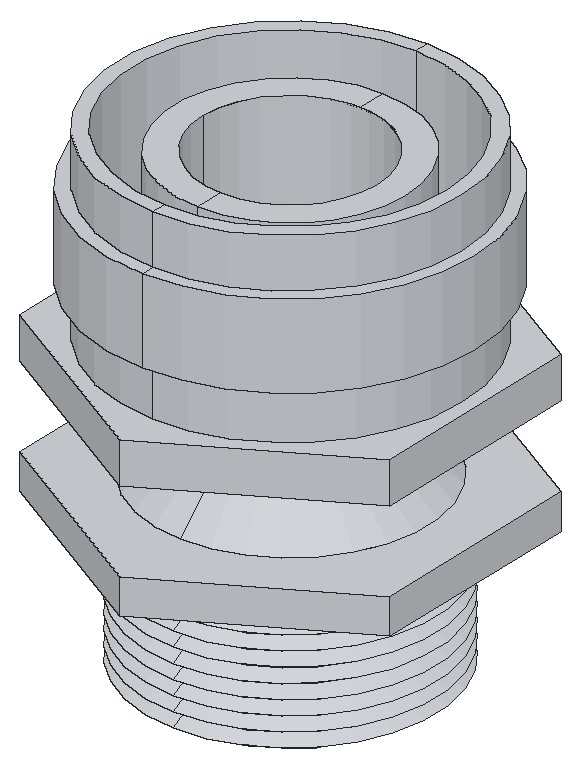
Revit family "FCSG20N", category Generic Models, Revit 2017
Family settings
  Can host rebar = No
  Round Connector Dimension = Use Diameter
  Part Type = Normal
  Work Plane-Based = Yes
  Always vertical = No
  Cut with Voids When Loaded = No
  Shared = No
  Room Calculation Point = No
Parameters (values of type "NBS Standard Parameters")
  Weight = "0.04kg"
  WarrantyStartDate [instance] = "1900-12-31T23:59:59"
  WarrantyGuarantorParts = "12 Months"
  WarrantyGuarantorLabor = "n/a"
  WarrantyDurationUnit = "12 Months"
  WarrantyDurationParts = "n/a"
  WarrantyDurationLabor = "n/a"
  WarrantyDescription = "n/a"
  Version = "1"
  Uniclass2 = "Pr_65_70_11_30"
  URL = "www.metpro.co.uk"
  TagNumber [instance] = "n/a"
  SustainabilityPerformance = "n/a"
  Size = "20mm"
  Shape = "Circular"
  SerialNumber [instance] = "n/a"
  Revision = "n/a"
  ReplacementCost = "n/a"
  ProductInformation = "www.metpro.co.uk/pdf/FCSG20N.pdf"
  NominalWidth = 27 mm
  NominalLength = 40 mm
  NominalHeight = 27 mm
  Name = "FCSG20N - FLEXICONDUIT ADAPTOR"
  NBSTypeID = "n/a"
  NBSReference = "90-55-10/360"
  NBSOfficeMasterTag = "n/a"
  NBSNote = "n/a"
  NBSDescription = "Flexible Conduit"
  NBSCertification = "n/a"
  ModelReference = "Flexiconduit fittings"
  ModelNumber = "FCSG20N"
  Material = "Brass"
  ManufacturerURL = "www.metpro.co.uk"
  ManufacturerName = "Metpro ltd"
  Manufacturer = "Metpro Limited"
  Keynote = "IP54 Rated"
  InstallationDate [instance] = "1900-12-31T23:59:59"
  IfcExportType = ""
  IfcExportAs = ""
  Grade = "n/a"
  Finish = "Nickel Plated"
  Features = "n/a"
  ExpectedLife = "n/a"
  DurationUnit = "1 Year"
  Description = "FCSG20N - 20mm Swivel Adaptor"
  Default Elevation = 1219.2 mm
  Constituents = "n/a"
  Color = "Brass"
  CodePerformance = "n/a"
  Category = "n/a"
  BarCode [instance] = "n/a"
  BIMObjectName = "Metpro_Metprolibrary_Flexiconduit_Conduitaccessories"
  Author = "Metpro"
  AssetType = "Fixed"
  AssetIdentifier [instance] = "n/a"
  AccessibilityPerformance = "n/a"
Reference planes
  plane 1 "Center (Front/Back)": y = 0
  plane 2: z = -49.367
  plane 3 "Center (Left/Right)": x = 0
Forms (mm)
  Revolve 1, solid
    sketch origin (0, 0, 0) x (0, 1, 0) y (0, 0, 1)
      loop
        line (106.747, 37.362) -> (98.792, 37.362) -> (98.792, 27.362) -> (97.435, 26.005) -> (94.618, 26.005) -> (94.618, 23.188) -> (97.352, 23.188) -> (100.159, 20.38) -> (97.352, 17.573) -> (94.618, 17.573) -> (94.618, 15.172) -> (96.747, 15.172) -> (97.607, 14.675) -> (96.747, 14.178) -> (97.607, 13.681) -> (96.747, 13.184) -> (97.607, 12.687) -> (96.747, 12.19) -> (97.607, 11.693) -> (96.747, 11.196) -> (97.607, 10.699) -> (96.747, 10.202) -> (97.607, 9.705) -> (96.747, 9.208) -> (97.607, 8.711) -> (96.747, 8.214) -> (97.607, 7.717) -> (96.747, 7.22) -> (97.607, 6.723) -> (96.747, 6.226) -> (97.898, 5.562) -> (106.747, 5.562) -> (106.747, 37.362)
      axis (106.747, 5.562) -> (106.747, 37.362)
    angle from 0 to 360
  Extrusion 2, void
    sketch origin (0, 106.747, 37.362) x (0, -1, 0) y (-1, 0, 0)
      loop
        circle (0, 0) r 6
    from 0 to 50
  Extrusion 3, void
    sketch origin (0, 106.747, 5.562) x (0, 1, 0) y (-1, 0, 0)
      loop
        circle (0.257, 0) r 8
    from 0 to 10
  Revolve 4, solid
    sketch origin (0, 0, 0) x (0, 1, 0) y (0, 0, 1)
      loop
        line (116.747, 26.005) -> (118.526, 26.005) -> (118.526, 29.545) -> (119.427, 29.545) -> (119.427, 35.341) -> (118.526, 35.341) -> (118.526, 38.732) -> (117.538, 38.732) -> (117.538, 27.227) -> (116.747, 27.227) -> (116.747, 26.005)
      axis (106.747, 38.732) -> (106.747, 26.005)
    angle from 0 to 360
  Extrusion 5, solid
    sketch origin (0, 106.747, 15.172) x (-1, 0, 0) y (0, 1, 0)
      loop
        line (12.681, 7.321) -> (0, 14.643) -> (-12.681, 7.321) -> (-12.681, -7.321) -> (0, -14.643) -> (12.681, -7.321) -> (12.681, 7.321)
      loop
        circle (0, 0) r 6
    from 0 to -2.4
  Extrusion 6, solid
    sketch origin (0, 106.747, 23.188) x (-1, 0, 0) y (0, 1, 0)
      loop
        line (12.681, 7.321) -> (0, 14.643) -> (-12.681, 7.321) -> (-12.681, -7.321) -> (0, -14.643) -> (12.681, -7.321) -> (12.681, 7.321)
      loop
        circle (0, 0) r 6
    from 0 to -2.9
Cuts and joins
  Extrusion 2, Extrusion 3 cuts Revolve 1
  joined: Revolve 1, Extrusion 5, Extrusion 6
Dimensions and locks
  aligned and locked: level to plane 2
